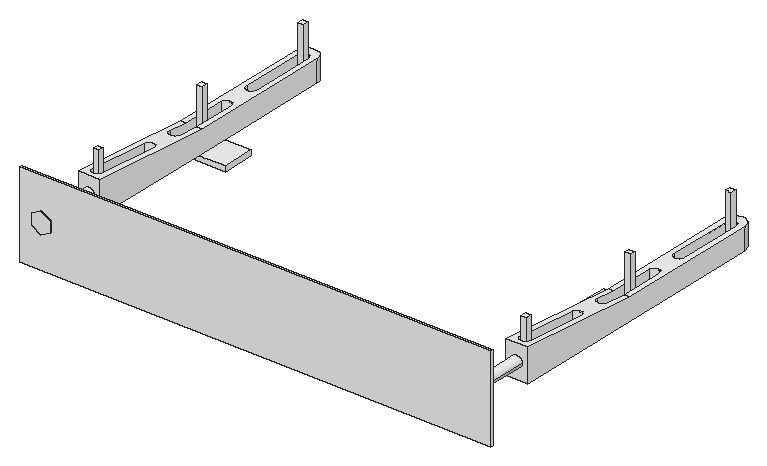
Revit family "MC-54", category Plumbing Fixtures, host Wall, Revit 2026
Family settings
  Host = Wall
  Round Connector Dimension = Use Diameter
  Part Type = Normal
  Classification Number = 23.45.05.21.11
  Enable Cutting in Views = No
  Always vertical = Yes
  Cut with Voids When Loaded = No
  Maintain Annotation Orientation = No
  Shared = No
  Room Calculation Point = No
Parameters
  URL = "www.mifab.com"
  Model = "MC-54 S/L"
  Manufacturer = "MIFAB"
  Floor Drain Material = Paint - Sherwin Williams Paint - #952C2A - Bellwood Red
  Description = "Wall Mounted Lavatory Support With Concealed Arms"
  Default Elevation = 0"
Reference planes (in)
  plane 1: y = 0
  plane 2 "Center (Left/Right)": x = -0.47711
  plane 3 "Back": y = 3
  plane 4: x = -10.47711
  plane 5: x = 9.52289
  plane 6: y = 3
  plane 7: y = -3
Forms (in)
  Extrusion 1, solid, material "Paint - Sherwin Williams Paint - #952C2A - Bellwood Red" <- "Floor Drain Material"
    sketch origin (-9.97711, 0, -19.00247) x (0, -1, 0) y (0, 0, 1)
      loop
        line (-5.80094, 32.8507) -> (-5.80094, 34.37564) -> (-11.80094, 33.8507) -> (-17.80094, 33.8507) -> (-17.80094, 32.8507) -> (-5.80094, 32.8507)
    from 0 to 1
  Extrusion 2, solid, material "Paint - Sherwin Williams Paint - #952C2A - Bellwood Red" <- "Floor Drain Material"
    sketch origin (3.77466, 1.5, -18.74) x (-1, 0, 0) y (0, 0, 1)
      loop
        circle (14.25176, 33.3507) r 0.25
    from 1.87898 to 4.30094
  Extrusion 3, solid, material "Paint - Sherwin Williams Paint - #952C2A - Bellwood Red" <- "Floor Drain Material"
    sketch origin (3.77466, 1.5, -19.00247) x (-1, 0, 0) y (0, 0, 1)
      loop
        line (13.80665, 33.87016) -> (13.80665, 33.35618) -> (14.25176, 33.09919) -> (14.69688, 33.35618) -> (14.69688, 33.87016) -> (14.25176, 34.12715) -> (13.80665, 33.87016)
    from 1.5 to 1.87898
  Extrusion 4, solid, material "Paint - Sherwin Williams Paint - #952C2A - Bellwood Red" <- "Floor Drain Material"
    sketch origin (3.77466, 1.5, 13.84823) x (-1, 0, 0) y (0, -1, 0)
      loop
        line (13.75176, -16.30094) -> (13.75176, -17)
        arc (13.75176, -17) -> (14.25176, -17.5) -> (14.75176, -17) r 0.5
        line (14.75176, -17) -> (14.75176, -16.30094) -> (13.75176, -16.30094)
    from 0 to 1
  Extrusion 5, void
    sketch origin (3.77466, 1.5, -19.00247) x (-1, 0, 0) y (0, -1, 0)
      loop
        arc (14.50176, -4.80094) -> (14.25176, -4.55094) -> (14.00176, -4.80094) r 0.25
        line (14.00176, -4.80094) -> (14.00176, -7.80094)
        arc (14.00176, -7.80094) -> (14.25176, -8.05094) -> (14.50176, -7.80094) r 0.25
        line (14.50176, -7.80094) -> (14.50176, -4.80094)
      loop
        arc (14.50176, -9.30094) -> (14.25176, -9.05094) -> (14.00176, -9.30094) r 0.25
        line (14.00176, -9.30094) -> (14.00176, -12.30094)
        arc (14.00176, -12.30094) -> (14.25176, -12.55094) -> (14.50176, -12.30094) r 0.25
        line (14.50176, -12.30094) -> (14.50176, -9.30094)
      loop
        arc (14.50176, -13.80094) -> (14.25176, -13.55094) -> (14.00176, -13.80094) r 0.25
        line (14.00176, -13.80094) -> (14.00176, -16.80094)
        arc (14.00176, -16.80094) -> (14.25176, -17.05094) -> (14.50176, -16.80094) r 0.25
        line (14.50176, -16.80094) -> (14.50176, -13.80094)
    from 33.29844 to 34.37564
  Extrusion 6, solid, material "Paint - Sherwin Williams Paint - #952C2A - Bellwood Red" <- "Floor Drain Material"
    sketch origin (3.77466, 1.5, -19.00247) x (-1, 0, 0) y (0, -1, 0)
      loop
        line (14.37676, -16.67594) -> (14.12676, -16.67594) -> (14.12676, -16.92594) -> (14.37676, -16.92594) -> (14.37676, -16.67594)
      loop
        line (14.37676, -4.95816) -> (14.37676, -4.70816) -> (14.12676, -4.70816) -> (14.12676, -4.95816) -> (14.37676, -4.95816)
    from 33.29844 to 35.29844
  Extrusion 7, solid, material "Paint - Sherwin Williams Paint - #952C2A - Bellwood Red" <- "Floor Drain Material"
    sketch origin (3.77466, 1.5, -18.35968) x (-1, 0, 0) y (0, -1, 0)
      loop
        line (12.50176, -10.07993) -> (12.50176, -11.57993) -> (14.50176, -11.57993) -> (14.50176, -10.07993) -> (12.50176, -10.07993)
    from 31.95792 to 32.20792
  Extrusion 8, solid, material "Paint - Sherwin Williams Paint - #952C2A - Bellwood Red" <- "Floor Drain Material"
    sketch origin (3.77466, -4.39811, -19.00247) x (-1, 0, 0) y (0, -1, 0)
      loop
        line (14.37676, -16.67594) -> (14.12676, -16.67594) -> (14.12676, -16.92594) -> (14.37676, -16.92594) -> (14.37676, -16.67594)
    from 33.29844 to 35.29844
  Extrusion 9, solid, not visible
    sketch origin (-10.60211, 0, -19.00247) x (0, -1, 0) y (0, 0, 1)
      loop
        line (-5.80094, 32.8507) -> (-5.80094, 34.37564) -> (-11.80094, 33.8507) -> (-17.80094, 33.8507) -> (-17.80094, 32.8507) -> (-5.80094, 32.8507)
    from 0 to 1
  Extrusion 10, solid, not visible
    sketch origin (3.14966, 1.5, -18.74) x (-1, 0, 0) y (0, 0, 1)
      loop
        circle (14.25176, 33.3507) r 0.25
    from 1.87898 to 4.30094
  Extrusion 11, solid, not visible
    sketch origin (3.14966, 1.5, -19.00247) x (-1, 0, 0) y (0, 0, 1)
      loop
        line (13.80665, 33.87016) -> (13.80665, 33.35618) -> (14.25176, 33.09919) -> (14.69688, 33.35618) -> (14.69688, 33.87016) -> (14.25176, 34.12715) -> (13.80665, 33.87016)
    from 1.5 to 1.87898
  Extrusion 12, solid, not visible
    sketch origin (3.14966, 1.5, 13.84823) x (-1, 0, 0) y (0, -1, 0)
      loop
        line (13.75176, -16.30094) -> (13.75176, -17)
        arc (13.75176, -17) -> (14.25176, -17.5) -> (14.75176, -17) r 0.5
        line (14.75176, -17) -> (14.75176, -16.30094) -> (13.75176, -16.30094)
    from 0 to 1
  Extrusion 13, void, not visible
    sketch origin (3.14966, 1.5, -19.00247) x (-1, 0, 0) y (0, -1, 0)
      loop
        arc (14.50176, -4.80094) -> (14.25176, -4.55094) -> (14.00176, -4.80094) r 0.25
        line (14.00176, -4.80094) -> (14.00176, -7.80094)
        arc (14.00176, -7.80094) -> (14.25176, -8.05094) -> (14.50176, -7.80094) r 0.25
        line (14.50176, -7.80094) -> (14.50176, -4.80094)
      loop
        arc (14.50176, -9.30094) -> (14.25176, -9.05094) -> (14.00176, -9.30094) r 0.25
        line (14.00176, -9.30094) -> (14.00176, -12.30094)
        arc (14.00176, -12.30094) -> (14.25176, -12.55094) -> (14.50176, -12.30094) r 0.25
        line (14.50176, -12.30094) -> (14.50176, -9.30094)
      loop
        arc (14.50176, -13.80094) -> (14.25176, -13.55094) -> (14.00176, -13.80094) r 0.25
        line (14.00176, -13.80094) -> (14.00176, -16.80094)
        arc (14.00176, -16.80094) -> (14.25176, -17.05094) -> (14.50176, -16.80094) r 0.25
        line (14.50176, -16.80094) -> (14.50176, -13.80094)
    from 33.29844 to 34.37564
  Extrusion 14, solid, not visible
    sketch origin (3.14966, 1.5, -19.00247) x (-1, 0, 0) y (0, -1, 0)
      loop
        line (14.37676, -16.67594) -> (14.12676, -16.67594) -> (14.12676, -16.92594) -> (14.37676, -16.92594) -> (14.37676, -16.67594)
      loop
        line (14.37676, -4.95816) -> (14.37676, -4.70816) -> (14.12676, -4.70816) -> (14.12676, -4.95816) -> (14.37676, -4.95816)
    from 33.29844 to 35.29844
  Extrusion 15, solid, not visible
    sketch origin (3.14966, 1.5, -18.35968) x (-1, 0, 0) y (0, -1, 0)
      loop
        line (12.50176, -10.07993) -> (12.50176, -11.57993) -> (14.50176, -11.57993) -> (14.50176, -10.07993) -> (12.50176, -10.07993)
    from 31.95792 to 32.20792
  Extrusion 16, solid, not visible
    sketch origin (3.14966, -4.39811, -19.00247) x (-1, 0, 0) y (0, -1, 0)
      loop
        line (14.37676, -16.67594) -> (14.12676, -16.67594) -> (14.12676, -16.92594) -> (14.37676, -16.92594) -> (14.37676, -16.67594)
    from 33.29844 to 35.29844
  Extrusion 17, solid, material "Paint - Sherwin Williams Paint - #952C2A - Bellwood Red" <- "Floor Drain Material"
    sketch origin (9.02289, 0, -19.00247) x (0, -1, 0) y (0, 0, -1)
      loop
        line (-5.80094, -32.8507) -> (-17.80094, -32.8507) -> (-17.80094, -33.8507) -> (-11.80094, -33.8507) -> (-5.80094, -34.37564) -> (-5.80094, -32.8507)
    from 0 to 1
  Extrusion 18, solid, material "Paint - Sherwin Williams Paint - #952C2A - Bellwood Red" <- "Floor Drain Material"
    sketch origin (-4.72887, 1.5, -18.74) x (1, 0, 0) y (0, 0, -1)
      loop
        circle (14.25176, -33.3507) r 0.25
    from 1.87898 to 4.30094
  Extrusion 19, solid, material "Paint - Sherwin Williams Paint - #952C2A - Bellwood Red" <- "Floor Drain Material"
    sketch origin (-4.72887, 1.5, -19.00247) x (1, 0, 0) y (0, 0, -1)
      loop
        line (13.80665, -33.87016) -> (14.25176, -34.12715) -> (14.69688, -33.87016) -> (14.69688, -33.35618) -> (14.25176, -33.09919) -> (13.80665, -33.35618) -> (13.80665, -33.87016)
    from 1.5 to 1.87898
  Extrusion 20, solid, material "Paint - Sherwin Williams Paint - #952C2A - Bellwood Red" <- "Floor Drain Material"
    sketch origin (-4.72887, 1.5, 13.84823) x (1, 0, 0) y (0, 1, 0)
      loop
        line (13.75176, 16.30094) -> (14.75176, 16.30094) -> (14.75176, 17)
        arc (14.75176, 17) -> (14.25176, 17.5) -> (13.75176, 17) r 0.5
        line (13.75176, 17) -> (13.75176, 16.30094)
    from 0 to 1
  Extrusion 21, void
    sketch origin (-4.72887, 1.5, -19.00247) x (1, 0, 0) y (0, 1, 0)
      loop
        line (14.50176, 4.80094) -> (14.50176, 7.80094)
        arc (14.50176, 7.80094) -> (14.25176, 8.05094) -> (14.00176, 7.80094) r 0.25
        line (14.00176, 7.80094) -> (14.00176, 4.80094)
        arc (14.00176, 4.80094) -> (14.25176, 4.55094) -> (14.50176, 4.80094) r 0.25
      loop
        line (14.50176, 9.30094) -> (14.50176, 12.30094)
        arc (14.50176, 12.30094) -> (14.25176, 12.55094) -> (14.00176, 12.30094) r 0.25
        line (14.00176, 12.30094) -> (14.00176, 9.30094)
        arc (14.00176, 9.30094) -> (14.25176, 9.05094) -> (14.50176, 9.30094) r 0.25
      loop
        line (14.50176, 13.80094) -> (14.50176, 16.80094)
        arc (14.50176, 16.80094) -> (14.25176, 17.05094) -> (14.00176, 16.80094) r 0.25
        line (14.00176, 16.80094) -> (14.00176, 13.80094)
        arc (14.00176, 13.80094) -> (14.25176, 13.55094) -> (14.50176, 13.80094) r 0.25
    from 33.29844 to 34.37564
  Extrusion 22, solid, material "Paint - Sherwin Williams Paint - #952C2A - Bellwood Red" <- "Floor Drain Material"
    sketch origin (-4.72887, 1.5, -19.00247) x (1, 0, 0) y (0, 1, 0)
      loop
        line (14.37676, 16.67594) -> (14.37676, 16.92594) -> (14.12676, 16.92594) -> (14.12676, 16.67594) -> (14.37676, 16.67594)
      loop
        line (14.37676, 4.95816) -> (14.12676, 4.95816) -> (14.12676, 4.70816) -> (14.37676, 4.70816) -> (14.37676, 4.95816)
    from 33.29844 to 35.29844
  Extrusion 23, solid, material "Paint - Sherwin Williams Paint - #952C2A - Bellwood Red" <- "Floor Drain Material"
    sketch origin (-4.72887, 1.5, -18.35968) x (1, 0, 0) y (0, 1, 0)
      loop
        line (12.50176, 10.07993) -> (14.50176, 10.07993) -> (14.50176, 11.57993) -> (12.50176, 11.57993) -> (12.50176, 10.07993)
    from 31.95792 to 32.20792
  Extrusion 24, solid, material "Paint - Sherwin Williams Paint - #952C2A - Bellwood Red" <- "Floor Drain Material"
    sketch origin (-4.72887, -4.39811, -19.00247) x (1, 0, 0) y (0, 1, 0)
      loop
        line (14.37676, 16.67594) -> (14.37676, 16.92594) -> (14.12676, 16.92594) -> (14.12676, 16.67594) -> (14.37676, 16.67594)
    from 33.29844 to 35.29844
  Extrusion 25, solid, material "Paint - Sherwin Williams Paint - #952C2A - Bellwood Red" <- "Floor Drain Material"
    sketch origin (-60, 3, 14.6107) x (-1, 0, 0) y (0, 0, 1)
      loop
        line (-70.52289, 2) -> (-70.52289, -2) -> (-48.52289, -2) -> (-48.52289, 2) -> (-70.52289, 2)
    from 0 to 0.125
Cuts and joins
  Extrusion 5, Extrusion 21 cuts Extrusion 1
  Extrusion 21 cuts Extrusion 2
  Extrusion 21 cuts Extrusion 3
  Extrusion 5, Extrusion 21 cuts Extrusion 4
  Extrusion 21 cuts Extrusion 6
  Extrusion 21 cuts Extrusion 7
  Extrusion 21 cuts Extrusion 8
  joined: Extrusion 1, Extrusion 2, Extrusion 3, Extrusion 4, Extrusion 6, Extrusion 7, Extrusion 8
  Extrusion 21 cuts Extrusion 17
  Extrusion 21 cuts Extrusion 20
  joined: Extrusion 17, Extrusion 18, Extrusion 19, Extrusion 20, Extrusion 22, Extrusion 23, Extrusion 24, Extrusion 25
Text (in)
  text "Placement Side" at (0, 40.15149, 123.01588), in view "Right"
  text "Placement Side" at (-70.3804, 45.82615, 0), in view "Ref. Level"
  text "Placement Side" at (0, 47.49176, 113.10569), in view "Left"
Dimensions and locks (in)
  locked: plane 3 "Back" to host wall
  equal spacing: plane 4, plane 2 "Center (Left/Right)", plane 5
  plane 4 to plane 5 = 20"
  plane 3 "Back" to plane 6 = 0"
  cut or joined group 1 (Extrusion 1, Extrusion 2, Extrusion 3, Extrusion 4, Extrusion 5, Extrusion 6, Extrusion 7, Extrusion 8, Extrusion 21) to plane 4 to cut or joined group 1 = 1/2", 1/2"
  cut or joined group 1 to plane 4 to cut or joined group 1 = 1/4", 1/4"
  plane 2 "Center (Left/Right)" to Extrusion 25 sketch curve = 11"  (x2)
  level to Extrusion 25 sketch curve = 2"
  Extrusion 25 sketch curve to level = 2"
  aligned and locked: plane 7 to host wall
Automatic sketch dimensions
  Extrusion 9 sketch curve to Extrusion 9 sketch curve = 6"  (x2)
  Extrusion 9 sketch curve to Extrusion 9 sketch curve = 1"
  Extrusion 9 sketch curve to Extrusion 9 sketch curve = 1.52493"
  Extrusion 11 sketch curve to Extrusion 11 sketch curve = 0.44512"  (x3)
  Extrusion 11 sketch curve to Extrusion 11 sketch curve = 0.25699"  (x3)
  Extrusion 11 sketch curve to Extrusion 11 sketch curve = 0.51398"  (x2)
  Extrusion 12 sketch curve to Extrusion 12 sketch curve = 1"
  Extrusion 13 sketch curve to Extrusion 13 sketch curve = 0"  (x2)
  Extrusion 13 sketch curve to Extrusion 13 sketch curve = 1/2"  (x3)
  Extrusion 13 sketch curve to Extrusion 13 sketch curve = 1 1/2"  (x2)
  Extrusion 13 sketch curve to Extrusion 13 sketch curve = 3"  (x3)
  Extrusion 14 sketch curve to Extrusion 14 sketch curve = 0"
  Extrusion 14 sketch curve to Extrusion 14 sketch curve = 1/4"  (x4)
  Extrusion 15 sketch curve to Extrusion 15 sketch curve = 2"
  Extrusion 16 sketch curve to Extrusion 16 sketch curve = 1/4"  (x2)
  Extrusion 12 sketch curve to Extrusion 12 sketch curve = 0.69906"
  Extrusion 14 sketch curve to Extrusion 14 sketch curve = 11.71778"
  Extrusion 15 sketch curve to Extrusion 15 sketch curve = 1 1/2"
  Extrusion 1 sketch curve to level = 0.76247"
  host wall to Extrusion 1 sketch curve = 14.80094"
  level to Extrusion 1 sketch curve = 0.23753"
  Extrusion 1 sketch curve to Extrusion 1 sketch curve = 6"
  level to Extrusion 1 sketch curve = 0.76247"
  host wall to Extrusion 1 sketch curve = 2.80094"
  Extrusion 2 sketch curve to level = 0"
  plane 4 to Extrusion 2 sketch curve = 0"
  plane 4 to Extrusion 3 sketch curve = 0"  (x2)
  Extrusion 3 sketch curve to level = 0.51398"
  Extrusion 3 sketch curve to plane 4 = 0.44512"
  plane 4 to Extrusion 3 sketch curve = 0.44512"
  Extrusion 3 sketch curve to level = 0.25699"  (x2)
  level to Extrusion 3 sketch curve = 0.25699"  (x2)
  level to Extrusion 3 sketch curve = 0.51398"
  Extrusion 4 sketch curve to plane 4 = 1/2"
  host wall to Extrusion 4 sketch curve = 15 1/2"
  Extrusion 4 sketch curve to plane 4 = 0"
  Extrusion 4 sketch curve to Extrusion 4 sketch curve = 0.69906"
  Extrusion 5 sketch curve to plane 4 = 1/4"  (x2)
  host wall to Extrusion 5 sketch curve = 15.30094"
  Extrusion 5 sketch curve to plane 4 = 0"  (x3)
  Extrusion 5 sketch curve to Extrusion 5 sketch curve = 1/4"
  Extrusion 5 sketch curve to Extrusion 5 sketch curve = 3"  (x3)
  Extrusion 5 sketch curve to Extrusion 5 sketch curve = 1 1/2"  (x2)
  Extrusion 6 sketch curve to plane 4 = 1/8"  (x2)
  plane 4 to Extrusion 6 sketch curve = 1/8"  (x2)
  host wall to Extrusion 6 sketch curve = 15.42594"
  Extrusion 6 sketch curve to Extrusion 6 sketch curve = 1/4"  (x2)
  host wall to Extrusion 6 sketch curve = 3.45816"
  Extrusion 7 sketch curve to plane 4 = 1 3/4"
  host wall to Extrusion 7 sketch curve = 10.07993"
  plane 4 to Extrusion 7 sketch curve = 1/4"
  Extrusion 7 sketch curve to Extrusion 7 sketch curve = 1 1/2"
  Extrusion 8 sketch curve to plane 4 = 1/8"
  plane 4 to Extrusion 8 sketch curve = 1/8"
  host wall to Extrusion 8 sketch curve = 9.52784"
  Extrusion 8 sketch curve to Extrusion 8 sketch curve = 1/4"
  Extrusion 17 sketch curve to level = 0.76247"
  host wall to Extrusion 17 sketch curve = 14.80094"
  level to Extrusion 17 sketch curve = 0.76247"
  level to Extrusion 17 sketch curve = 0.23753"
  Extrusion 17 sketch curve to Extrusion 17 sketch curve = 6"
  host wall to Extrusion 17 sketch curve = 2.80094"
  Extrusion 18 sketch curve to level = 0"
  plane 5 to Extrusion 18 sketch curve = 0"
  plane 5 to Extrusion 19 sketch curve = 0"  (x2)
  level to Extrusion 19 sketch curve = 0.51398"
  plane 5 to Extrusion 19 sketch curve = 0.44512"
  Extrusion 19 sketch curve to plane 5 = 0.44512"
  level to Extrusion 19 sketch curve = 0.25699"  (x2)
  Extrusion 19 sketch curve to level = 0.25699"  (x2)
  Extrusion 19 sketch curve to Extrusion 19 sketch curve = 0.25699"
  plane 5 to Extrusion 20 sketch curve = 1/2"
  host wall to Extrusion 20 sketch curve = 14.80094"
  Extrusion 20 sketch curve to plane 5 = 0"
  Extrusion 20 sketch curve to Extrusion 20 sketch curve = 0.69906"
  plane 5 to Extrusion 21 sketch curve = 1/4"  (x2)
  host wall to Extrusion 21 sketch curve = 3.30094"
  Extrusion 21 sketch curve to plane 5 = 0"  (x3)
  Extrusion 21 sketch curve to Extrusion 21 sketch curve = 1/4"
  Extrusion 21 sketch curve to Extrusion 21 sketch curve = 3"  (x3)
  Extrusion 21 sketch curve to Extrusion 21 sketch curve = 1 1/2"  (x2)
  plane 5 to Extrusion 22 sketch curve = 1/8"  (x2)
  Extrusion 22 sketch curve to plane 5 = 1/8"  (x2)
  host wall to Extrusion 22 sketch curve = 3.20816"
  Extrusion 22 sketch curve to Extrusion 22 sketch curve = 1/4"  (x2)
  Extrusion 22 sketch curve to Extrusion 22 sketch curve = 11.71778"
  plane 5 to Extrusion 23 sketch curve = 1 3/4"
  Extrusion 23 sketch curve to plane 5 = 1/4"
  host wall to Extrusion 23 sketch curve = 8.57993"
  Extrusion 23 sketch curve to Extrusion 23 sketch curve = 1 1/2"
  plane 5 to Extrusion 24 sketch curve = 1/8"
  host wall to Extrusion 24 sketch curve = 9.27784"
  Extrusion 24 sketch curve to plane 5 = 1/8"
  Extrusion 24 sketch curve to Extrusion 24 sketch curve = 1/4"
  radius of Extrusion 10 sketch curve = 1/4"
  radius of Extrusion 2 sketch curve = 1/4"
  radius of Extrusion 18 sketch curve = 1/4"
